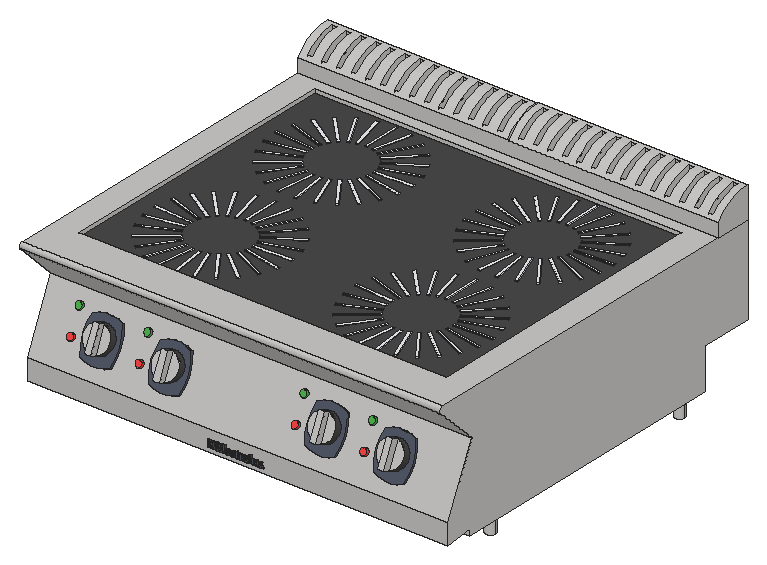
Revit family "QF_ELECTROLUXPROFESSIONAL_371134_E7IREH400N", category Specialty Equipment, Revit 2018 (continued)
Automatic sketch dimensions
  Extrusion 41 sketch curve to Extrusion 41 sketch curve = 0.444 mm
  Extrusion 41 sketch curve to Extrusion 41 sketch curve = 1.11 mm  (x3)
  Extrusion 41 sketch curve to Extrusion 41 sketch curve = 0.215 mm
  Extrusion 41 sketch curve to Extrusion 41 sketch curve = 1.43 mm
  Extrusion 41 sketch curve to Extrusion 41 sketch curve = 1.188 mm
  Extrusion 41 sketch curve to Extrusion 41 sketch curve = 1.21 mm  (x2)
  Extrusion 41 sketch curve to Extrusion 41 sketch curve = 0.503 mm
  Extrusion 41 sketch curve to Extrusion 41 sketch curve = 0.488 mm
  Extrusion 41 sketch curve to Extrusion 41 sketch curve = 0.462 mm
  Extrusion 41 sketch curve to Extrusion 41 sketch curve = 1.386 mm
  Extrusion 41 sketch curve to Extrusion 41 sketch curve = 1.742 mm  (x2)
  Extrusion 41 sketch curve to Extrusion 41 sketch curve = 0.821 mm
  Extrusion 41 sketch curve to Extrusion 41 sketch curve = 0.497 mm
  Extrusion 41 sketch curve to Extrusion 41 sketch curve = 0.539 mm
  Extrusion 41 sketch curve to Extrusion 41 sketch curve = 0.686 mm
  Extrusion 41 sketch curve to Extrusion 41 sketch curve = 0.408 mm
  Extrusion 41 sketch curve to Extrusion 41 sketch curve = 0.743 mm
  Extrusion 41 sketch curve to Extrusion 41 sketch curve = 1.16 mm
  Extrusion 41 sketch curve to Extrusion 41 sketch curve = 0.329 mm
  Extrusion 41 sketch curve to Extrusion 41 sketch curve = 1.054 mm
  Extrusion 41 sketch curve to Extrusion 41 sketch curve = 1.056 mm
  Extrusion 41 sketch curve to Extrusion 41 sketch curve = 0.129 mm
  Extrusion 41 sketch curve to Extrusion 41 sketch curve = 0.489 mm
  Extrusion 41 sketch curve to Extrusion 41 sketch curve = 0.441 mm
  Extrusion 41 sketch curve to Extrusion 41 sketch curve = 1.151 mm
  Extrusion 41 sketch curve to Extrusion 41 sketch curve = 1.141 mm  (x2)
  Extrusion 41 sketch curve to Extrusion 41 sketch curve = 0.768 mm
  Extrusion 41 sketch curve to Extrusion 41 sketch curve = 1.653 mm
  Extrusion 41 sketch curve to Extrusion 41 sketch curve = 0.499 mm
  Extrusion 41 sketch curve to Extrusion 41 sketch curve = 0.964 mm
  Extrusion 41 sketch curve to Extrusion 41 sketch curve = 0.949 mm
  Extrusion 41 sketch curve to Extrusion 41 sketch curve = 1.345 mm  (x2)
  Extrusion 41 sketch curve to Extrusion 41 sketch curve = 1.101 mm
  Extrusion 41 sketch curve to Extrusion 41 sketch curve = 0.432 mm
  Extrusion 41 sketch curve to Extrusion 41 sketch curve = 1.142 mm
  Extrusion 41 sketch curve to Extrusion 41 sketch curve = 0.959 mm
  Extrusion 41 sketch curve to Extrusion 41 sketch curve = 0.176 mm
  Extrusion 41 sketch curve to Extrusion 41 sketch curve = 0.728 mm
  Extrusion 41 sketch curve to Extrusion 41 sketch curve = 3.375 mm  (x2)
  Extrusion 41 sketch curve to Extrusion 41 sketch curve = 0.541 mm
  Extrusion 41 sketch curve to Extrusion 41 sketch curve = 0.955 mm
  Extrusion 41 sketch curve to Extrusion 41 sketch curve = 1.251 mm
  Extrusion 41 sketch curve to Extrusion 41 sketch curve = 0.572 mm
  Extrusion 41 sketch curve to Extrusion 41 sketch curve = 1.92 mm
  Extrusion 41 sketch curve to Extrusion 41 sketch curve = 1.224 mm
  Extrusion 41 sketch curve to Extrusion 41 sketch curve = 0.745 mm
  Extrusion 41 sketch curve to Extrusion 41 sketch curve = 2.537 mm
  Extrusion 41 sketch curve to Extrusion 41 sketch curve = 0.896 mm  (x3)
  Extrusion 41 sketch curve to Extrusion 41 sketch curve = 0.036 mm
  Extrusion 41 sketch curve to Extrusion 41 sketch curve = 2.607 mm
  Extrusion 41 sketch curve to Extrusion 41 sketch curve = 0.066 mm
  Extrusion 41 sketch curve to Extrusion 41 sketch curve = 0.248 mm
  Extrusion 41 sketch curve to Extrusion 41 sketch curve = 0.449 mm
  Extrusion 41 sketch curve to Extrusion 41 sketch curve = 1.052 mm
  Extrusion 41 sketch curve to Extrusion 41 sketch curve = 1.863 mm
  Extrusion 41 sketch curve to Extrusion 41 sketch curve = 1.31 mm  (x2)
  Extrusion 41 sketch curve to Extrusion 41 sketch curve = 0.901 mm
  Extrusion 41 sketch curve to Extrusion 41 sketch curve = 1.107 mm
  Extrusion 41 sketch curve to Extrusion 41 sketch curve = 2.122 mm
  Extrusion 41 sketch curve to Extrusion 41 sketch curve = 2.101 mm
  Extrusion 41 sketch curve to Extrusion 41 sketch curve = 0.106 mm
  Extrusion 41 sketch curve to Extrusion 41 sketch curve = 0.029 mm
  Extrusion 41 sketch curve to Extrusion 41 sketch curve = 2.09 mm
  Extrusion 41 sketch curve to Extrusion 41 sketch curve = 1.279 mm
  Extrusion 41 sketch curve to Extrusion 41 sketch curve = 2.008 mm
  Extrusion 41 sketch curve to Extrusion 41 sketch curve = 0.738 mm
  Extrusion 41 sketch curve to Extrusion 41 sketch curve = 0.382 mm
  Extrusion 41 sketch curve to Extrusion 41 sketch curve = 0.384 mm
  Extrusion 41 sketch curve to Extrusion 41 sketch curve = 0.002 mm
  Extrusion 41 sketch curve to Extrusion 41 sketch curve = 0.561 mm
  Extrusion 41 sketch curve to Extrusion 41 sketch curve = 0.592 mm
  Extrusion 41 sketch curve to Extrusion 41 sketch curve = 2.692 mm
  Extrusion 41 sketch curve to Extrusion 41 sketch curve = 1.259 mm
  Extrusion 41 sketch curve to Extrusion 41 sketch curve = 0.802 mm
  Extrusion 41 sketch curve to Extrusion 41 sketch curve = 1.024 mm  (x2)
  Extrusion 41 sketch curve to Extrusion 41 sketch curve = 0.682 mm
  Extrusion 41 sketch curve to Extrusion 41 sketch curve = 5.934 mm
  Extrusion 41 sketch curve to Extrusion 41 sketch curve = 2.186 mm
  Extrusion 41 sketch curve to Extrusion 41 sketch curve = 0.337 mm
  Extrusion 41 sketch curve to Extrusion 41 sketch curve = 0.021 mm
  Extrusion 41 sketch curve to Extrusion 41 sketch curve = 1.005 mm
  Extrusion 41 sketch curve to Extrusion 41 sketch curve = 0.552 mm
  Extrusion 41 sketch curve to Extrusion 41 sketch curve = 0.778 mm
  Extrusion 41 sketch curve to Extrusion 41 sketch curve = 0.063 mm
  Extrusion 41 sketch curve to Extrusion 41 sketch curve = 1.023 mm
  Extrusion 41 sketch curve to Extrusion 41 sketch curve = 3.804 mm
  Extrusion 41 sketch curve to Extrusion 41 sketch curve = 0.486 mm
  Extrusion 41 sketch curve to Extrusion 41 sketch curve = 0.266 mm  (x2)
  Extrusion 41 sketch curve to Extrusion 41 sketch curve = 1.547 mm
  Extrusion 41 sketch curve to Extrusion 41 sketch curve = 0.717 mm  (x2)
  Extrusion 41 sketch curve to Extrusion 41 sketch curve = 1.667 mm
  Extrusion 41 sketch curve to Extrusion 41 sketch curve = 3.174 mm
  Extrusion 41 sketch curve to Extrusion 41 sketch curve = 0.388 mm
  Extrusion 41 sketch curve to Extrusion 41 sketch curve = 1.342 mm
  Extrusion 41 sketch curve to Extrusion 41 sketch curve = 1.521 mm
  Extrusion 41 sketch curve to Extrusion 41 sketch curve = 0.124 mm
  Extrusion 41 sketch curve to Extrusion 41 sketch curve = 0.291 mm
  plane 7 "Center Y" to Extrusion 41 sketch curve = 3.923 mm
  Extrusion 41 sketch curve to Extrusion 41 sketch curve = 1.049 mm  (x2)
  Extrusion 41 sketch curve to Extrusion 41 sketch curve = 1.7 mm
  Extrusion 41 sketch curve to Extrusion 41 sketch curve = 0.894 mm
  Extrusion 41 sketch curve to Extrusion 41 sketch curve = 0.989 mm
  Extrusion 41 sketch curve to Extrusion 41 sketch curve = 1.168 mm
  Extrusion 41 sketch curve to Extrusion 41 sketch curve = 1.594 mm
  Extrusion 41 sketch curve to Extrusion 41 sketch curve = 0.731 mm
  Extrusion 41 sketch curve to Extrusion 41 sketch curve = 1.566 mm
  Extrusion 41 sketch curve to Extrusion 41 sketch curve = 0.064 mm
  plane 7 "Center Y" to Extrusion 41 sketch curve = 4.479 mm
  Extrusion 41 sketch curve to Extrusion 41 sketch curve = 0.556 mm  (x2)
  Extrusion 41 sketch curve to Extrusion 41 sketch curve = 0.48 mm
  Extrusion 41 sketch curve to Extrusion 41 sketch curve = 1.018 mm
  Extrusion 41 sketch curve to Extrusion 41 sketch curve = 0.787 mm
  Extrusion 41 sketch curve to Extrusion 41 sketch curve = 0.618 mm
  Extrusion 41 sketch curve to Extrusion 41 sketch curve = 1.672 mm
  Extrusion 41 sketch curve to Extrusion 41 sketch curve = 1.361 mm
  Extrusion 41 sketch curve to Extrusion 41 sketch curve = 0.822 mm
  Extrusion 41 sketch curve to Extrusion 41 sketch curve = 0.069 mm
  Extrusion 41 sketch curve to Extrusion 41 sketch curve = 1.88 mm
  Extrusion 41 sketch curve to Extrusion 41 sketch curve = 0.42 mm
  Extrusion 41 sketch curve to Extrusion 41 sketch curve = 0.062 mm
  Extrusion 41 sketch curve to Extrusion 41 sketch curve = 1.355 mm
  Extrusion 41 sketch curve to Extrusion 41 sketch curve = 2.34 mm
  Extrusion 41 sketch curve to Extrusion 41 sketch curve = 0.493 mm
  Extrusion 41 sketch curve to Extrusion 41 sketch curve = 0.136 mm
  Extrusion 41 sketch curve to Extrusion 41 sketch curve = 0.128 mm
  Extrusion 41 sketch curve to Extrusion 41 sketch curve = 3.616 mm
  Extrusion 41 sketch curve to Extrusion 41 sketch curve = 4.207 mm
  Extrusion 41 sketch curve to Extrusion 41 sketch curve = 0.183 mm
  Extrusion 41 sketch curve to Extrusion 41 sketch curve = 0.895 mm
  Extrusion 41 sketch curve to Extrusion 41 sketch curve = 1.314 mm
  Extrusion 41 sketch curve to Extrusion 41 sketch curve = 3.231 mm
  Extrusion 41 sketch curve to Extrusion 41 sketch curve = 1.299 mm
  Extrusion 41 sketch curve to Extrusion 41 sketch curve = 1.214 mm
  Extrusion 41 sketch curve to Extrusion 41 sketch curve = 1.264 mm
  Extrusion 41 sketch curve to Extrusion 41 sketch curve = 0.109 mm
  Extrusion 41 sketch curve to Extrusion 41 sketch curve = 0.357 mm
  Extrusion 41 sketch curve to Extrusion 41 sketch curve = 0.565 mm
  Extrusion 41 sketch curve to Extrusion 41 sketch curve = 2.504 mm
  Extrusion 41 sketch curve to Extrusion 41 sketch curve = 2.459 mm
  Extrusion 41 sketch curve to Extrusion 41 sketch curve = 1.322 mm
  Extrusion 41 sketch curve to Extrusion 41 sketch curve = 2.77 mm
  Extrusion 41 sketch curve to Extrusion 41 sketch curve = 2.51 mm
  Extrusion 41 sketch curve to Extrusion 41 sketch curve = 0.187 mm
  Extrusion 41 sketch curve to Extrusion 41 sketch curve = 2.559 mm
  Extrusion 41 sketch curve to Extrusion 41 sketch curve = 1.556 mm
  Extrusion 41 sketch curve to Extrusion 41 sketch curve = 0.222 mm
  Extrusion 41 sketch curve to Extrusion 41 sketch curve = 1.383 mm
  Extrusion 41 sketch curve to Extrusion 41 sketch curve = 3.114 mm
  Extrusion 41 sketch curve to Extrusion 41 sketch curve = 3.376 mm
  Extrusion 41 sketch curve to Extrusion 41 sketch curve = 0.934 mm
  Extrusion 41 sketch curve to Extrusion 41 sketch curve = 0.191 mm
  Extrusion 41 sketch curve to Extrusion 41 sketch curve = 3.696 mm
  Extrusion 41 sketch curve to Extrusion 41 sketch curve = 2.708 mm
  Extrusion 41 sketch curve to Extrusion 41 sketch curve = 3.333 mm
  Extrusion 41 sketch curve to Extrusion 41 sketch curve = 0.332 mm
  Extrusion 41 sketch curve to Extrusion 41 sketch curve = 1.087 mm
  Extrusion 41 sketch curve to Extrusion 41 sketch curve = 2.23 mm
  Extrusion 41 sketch curve to Extrusion 41 sketch curve = 2.757 mm
  Extrusion 41 sketch curve to Extrusion 41 sketch curve = 0.987 mm
  Extrusion 41 sketch curve to Extrusion 41 sketch curve = 1.529 mm
  Extrusion 41 sketch curve to Extrusion 41 sketch curve = 1.796 mm
  Extrusion 41 sketch curve to Extrusion 41 sketch curve = 2.859 mm
  Extrusion 41 sketch curve to Extrusion 41 sketch curve = 0.853 mm
  Extrusion 41 sketch curve to Extrusion 41 sketch curve = 1.241 mm
  Extrusion 41 sketch curve to Extrusion 41 sketch curve = 2.046 mm  (x2)
  Extrusion 41 sketch curve to Extrusion 41 sketch curve = 2.422 mm
  Extrusion 41 sketch curve to Extrusion 41 sketch curve = 0.27 mm  (x2)
  Extrusion 41 sketch curve to Extrusion 41 sketch curve = 0.69 mm
  Extrusion 41 sketch curve to Extrusion 41 sketch curve = 0.781 mm  (x2)
  Extrusion 41 sketch curve to Extrusion 41 sketch curve = 3.136 mm
  Extrusion 41 sketch curve to Extrusion 41 sketch curve = 1.767 mm
  Extrusion 41 sketch curve to Extrusion 41 sketch curve = 0.138 mm
  Extrusion 41 sketch curve to Extrusion 41 sketch curve = 0.777 mm
  Extrusion 41 sketch curve to Extrusion 41 sketch curve = 1.19 mm
  Extrusion 41 sketch curve to Extrusion 41 sketch curve = 0.782 mm
  Extrusion 41 sketch curve to Extrusion 41 sketch curve = 1.268 mm
  Extrusion 41 sketch curve to Extrusion 41 sketch curve = 0.422 mm  (x2)
  Extrusion 41 sketch curve to Extrusion 41 sketch curve = 1.559 mm
  Extrusion 41 sketch curve to Extrusion 41 sketch curve = 3.927 mm
  Extrusion 41 sketch curve to Extrusion 41 sketch curve = 0.983 mm
  Extrusion 41 sketch curve to Extrusion 41 sketch curve = 1.134 mm
  Extrusion 41 sketch curve to Extrusion 41 sketch curve = 0.094 mm
  plane 7 "Center Y" to Extrusion 41 sketch curve = 1.023 mm
  Extrusion 41 sketch curve to Extrusion 41 sketch curve = 1.501 mm
  Extrusion 41 sketch curve to Extrusion 41 sketch curve = 1.808 mm
  Extrusion 41 sketch curve to Extrusion 41 sketch curve = 0.643 mm
  Extrusion 41 sketch curve to Extrusion 41 sketch curve = 0.916 mm
  Extrusion 41 sketch curve to Extrusion 41 sketch curve = 0.352 mm
  Extrusion 41 sketch curve to Extrusion 41 sketch curve = 0.458 mm
  Extrusion 41 sketch curve to Extrusion 41 sketch curve = 1.282 mm
  Extrusion 41 sketch curve to Extrusion 41 sketch curve = 1.363 mm
  Extrusion 41 sketch curve to Extrusion 41 sketch curve = 0.685 mm
  Extrusion 41 sketch curve to Extrusion 41 sketch curve = 0.905 mm
  Extrusion 41 sketch curve to Extrusion 41 sketch curve = 2.865 mm
  Extrusion 41 sketch curve to Extrusion 41 sketch curve = 0.472 mm
  Extrusion 41 sketch curve to Extrusion 41 sketch curve = 0.101 mm
  Extrusion 41 sketch curve to Extrusion 41 sketch curve = 0.54 mm
  Extrusion 41 sketch curve to Extrusion 41 sketch curve = 0.02 mm
  Extrusion 41 sketch curve to Extrusion 41 sketch curve = 0.468 mm
  Extrusion 41 sketch curve to Extrusion 41 sketch curve = 0.829 mm
  Extrusion 41 sketch curve to Extrusion 41 sketch curve = 0.582 mm
  Extrusion 41 sketch curve to Extrusion 41 sketch curve = 0.166 mm
  Extrusion 41 sketch curve to Extrusion 41 sketch curve = 0.16 mm
  Extrusion 41 sketch curve to Extrusion 41 sketch curve = 2.781 mm
  Extrusion 41 sketch curve to Extrusion 41 sketch curve = 1.118 mm
  Extrusion 41 sketch curve to Extrusion 41 sketch curve = 0.613 mm
  Extrusion 41 sketch curve to Extrusion 41 sketch curve = 0.361 mm
  Extrusion 41 sketch curve to Extrusion 41 sketch curve = 0.897 mm
  Extrusion 41 sketch curve to Extrusion 41 sketch curve = 0.167 mm
  Extrusion 41 sketch curve to Extrusion 41 sketch curve = 0.292 mm
  Extrusion 41 sketch curve to Extrusion 41 sketch curve = 0.305 mm
  Extrusion 41 sketch curve to Extrusion 41 sketch curve = 1.557 mm
  Extrusion 41 sketch curve to Extrusion 41 sketch curve = 2.499 mm
  Extrusion 41 sketch curve to Extrusion 41 sketch curve = 3.062 mm
  Extrusion 41 sketch curve to Extrusion 41 sketch curve = 2.968 mm
  Extrusion 41 sketch curve to Extrusion 41 sketch curve = 5.044 mm
  Extrusion 41 sketch curve to Extrusion 41 sketch curve = 0.629 mm  (x2)
  Extrusion 41 sketch curve to Extrusion 41 sketch curve = 1.131 mm
  Extrusion 41 sketch curve to Extrusion 41 sketch curve = 0.137 mm
  Extrusion 41 sketch curve to Extrusion 41 sketch curve = 0.027 mm
  Extrusion 41 sketch curve to Extrusion 41 sketch curve = 2.235 mm
  Extrusion 42 sketch curve to Extrusion 1 = 31.333 mm  (x2)
  Extrusion 42 sketch curve to Extrusion 42 sketch curve = 12.3 mm  (x3)
  Extrusion 42 sketch curve to Extrusion 42 sketch curve = 34.925 mm  (x2)
  Extrusion 1 to Extrusion 42 sketch curve = 44.467 mm
  Extrusion 1 to Extrusion 42 sketch curve = 305.752 mm
  Extrusion 42 sketch curve to Extrusion 42 sketch curve = 25.727 mm
  Extrusion 42 sketch curve to Extrusion 42 sketch curve = 25.771 mm
  Extrusion 42 sketch curve to Extrusion 42 sketch curve = 28.531 mm
  Extrusion 44 sketch curve to Extrusion 44 sketch curve = 24.732 mm
  Extrusion 44 sketch curve to Extrusion 44 sketch curve = 0 mm
  Extrusion 1 to Extrusion 45 sketch curve = 29.678 mm
  Extrusion 1 to Extrusion 45 sketch curve = 196.283 mm
  Extrusion 46 sketch curve to Extrusion 1 = 54.522 mm
  Extrusion 1 to Extrusion 46 sketch curve = 196.283 mm
  Extrusion 47 sketch curve to Extrusion 1 = 31.333 mm  (x2)
  Extrusion 47 sketch curve to Extrusion 47 sketch curve = 12.3 mm  (x3)
  Extrusion 47 sketch curve to Extrusion 47 sketch curve = 34.925 mm  (x2)
  Extrusion 1 to Extrusion 47 sketch curve = 44.467 mm
  Extrusion 1 to Extrusion 47 sketch curve = 66.558 mm
  Extrusion 47 sketch curve to Extrusion 47 sketch curve = 25.683 mm
  Extrusion 47 sketch curve to Extrusion 47 sketch curve = 25.727 mm
  Extrusion 47 sketch curve to Extrusion 47 sketch curve = 28.575 mm
  Extrusion 49 sketch curve to Extrusion 49 sketch curve = 24.732 mm
  Extrusion 49 sketch curve to Extrusion 49 sketch curve = 0 mm
  Extrusion 50 sketch curve to Extrusion 1 = 31.333 mm  (x2)
  Extrusion 50 sketch curve to Extrusion 50 sketch curve = 12.3 mm  (x3)
  Extrusion 50 sketch curve to Extrusion 50 sketch curve = 34.925 mm  (x2)
  Extrusion 1 to Extrusion 50 sketch curve = 44.467 mm
  Extrusion 1 to Extrusion 50 sketch curve = 197.193 mm
  Extrusion 50 sketch curve to Extrusion 50 sketch curve = 25.683 mm
  Extrusion 50 sketch curve to Extrusion 50 sketch curve = 25.727 mm
  Extrusion 50 sketch curve to Extrusion 50 sketch curve = 28.575 mm
  Extrusion 52 sketch curve to Extrusion 52 sketch curve = 24.732 mm
  Extrusion 52 sketch curve to Extrusion 52 sketch curve = 0 mm
  Extrusion 1 to Extrusion 53 sketch curve = 29.678 mm
  Extrusion 1 to Extrusion 53 sketch curve = 306.618 mm
  Extrusion 54 sketch curve to Extrusion 1 = 54.522 mm
  Extrusion 1 to Extrusion 54 sketch curve = 306.618 mm
  Extrusion 1 to Extrusion 55 sketch curve = 29.678 mm
  Extrusion 1 to Extrusion 55 sketch curve = 175.983 mm
  Extrusion 56 sketch curve to Extrusion 1 = 54.522 mm
  Extrusion 1 to Extrusion 56 sketch curve = 175.983 mm
  plane 7 "Center Y" to curve 133 = 1.729 mm
  curve 9 to plane 7 "Center Y" = 1.454 mm
  curve 9 to curve 7 = 0 mm
  radius of Extrusion 3 sketch curve = 9.525 mm  (x4)
  radius of Extrusion 5 sketch curve = 25.4 mm
  radius of Extrusion 6 sketch curve to Extrusion 5 = 0 mm  (x2)
  radius of Extrusion 7 sketch curve = 6.35 mm
  radius of Extrusion 8 sketch curve = 6.4 mm
  radius of Extrusion 9 sketch curve = 12.7 mm
  radius of Extrusion 43 sketch curve = 25.4 mm
  radius of Extrusion 44 sketch curve to Extrusion 43 = 0 mm  (x2)
  radius of Extrusion 45 sketch curve = 6.35 mm
  radius of Extrusion 46 sketch curve = 6.4 mm
  radius of Extrusion 48 sketch curve = 25.4 mm
  radius of Extrusion 49 sketch curve to Extrusion 48 = 0 mm  (x2)
  radius of Extrusion 51 sketch curve = 25.4 mm
  radius of Extrusion 52 sketch curve to Extrusion 51 = 0 mm  (x2)
  radius of Extrusion 53 sketch curve = 6.35 mm
  radius of Extrusion 54 sketch curve = 6.4 mm
  radius of Extrusion 55 sketch curve = 6.35 mm
  radius of Extrusion 56 sketch curve = 6.4 mm
Nested families
  nested 1: "INDUCTION BURNER" at (79.771, -98.911, 266.887), type "INDUCTION BURNER"
    with Type Mark "", Status "", Specification by User "", Revision Code "", Item Number "", Installed By "", Identify Quantity as Lot yes, Furnished By "", Foodservice Equipment Identifier yes
  nested 2: "INDUCTION BURNER" at (461.843, -98.911, 266.887), type "INDUCTION BURNER"
    with Type Mark "", Status "", Specification by User "", Revision Code "", Item Number "", Installed By "", Identify Quantity as Lot yes, Furnished By "", Foodservice Equipment Identifier yes
  nested 3: "INDUCTION BURNER" at (461.843, -386.411, 266.887), type "INDUCTION BURNER"
    with Type Mark "", Status "", Specification by User "", Revision Code "", Item Number "", Installed By "", Identify Quantity as Lot yes, Furnished By "", Foodservice Equipment Identifier yes
  nested 4: "INDUCTION BURNER" at (79.771, -386.411, 266.887), type "INDUCTION BURNER"
    with Type Mark "", Status "", Specification by User "", Revision Code "", Item Number "", Installed By "", Identify Quantity as Lot yes, Furnished By "", Foodservice Equipment Identifier yes
Connectors
  electrical at (736.5, -88.9, 57.906), driven by "Volts", driven by "Watts"
    settings: on Extrusion 9, index 1, voltage 230 V, apparent load 8800 VA, apparent load phase1 0 VA, apparent load phase2 0 VA, apparent load phase3 0 VA, power factor 1, load classification "Other", number of poles 1, system type 30, power factor state 1, is connector primary yes, connector utility no, sub classification motor no, connector description "Electrical Connection"
Definition of nested family "INDUCTION BURNER"
  Parameters
    Weight in Pounds = 0
    URL Cutsheet = ""
    Type Mark [instance] = ""
    Status [instance] = ""
    Specification by User [instance] = ""
    Specification by Manufacturer = ""
    Serial Number = ""
    Seismic Rating = ""
    SMACNA No = ""
    Revision Code [instance] = ""
    Omniclass Number and Title = ""
    NAFEM Spec ID Number = ""
    Masterspec = ""
    Item Number [instance] = ""
    Installed By [instance] = ""
    Identify Quantity as Lot [instance] = yes
    Furnished By [instance] = ""
    Foodservice Equipment Identifier [instance] = yes
    CSI MasterFormat = ""
    CSI Master Format = ""
    Assembly Code = ""
  Reference planes
    plane 1 "BACK": y = 0
    plane 2: z = 0
    plane 3 "LEFT": x = 0
    plane 4 "RIGHT": x = 263
    plane 5 "FRONT": y = -263
    plane 6 "TOP": z = 0.794
    plane 7 "Center Y": x = 131.5
    plane 8 "Center X": y = -131.5
  Forms (mm)
    Extrusion 1, solid
      sketch origin (0, 0, 0) x (1, 0, 0) y (0, 1, 0)
        loop
          line (134, -73.314) -> (134, 0) -> (129, 0) -> (129, -73.314) -> (134, -73.314)
        loop
          line (119.451, -74.521) -> (101.219, -3.51) -> (96.376, -4.753) -> (114.608, -75.764) -> (119.451, -74.521)
        loop
          line (105.66, -79.307) -> (70.34, -15.061) -> (65.959, -17.47) -> (101.278, -81.716) -> (105.66, -79.307)
        loop
          line (93.492, -87.373) -> (43.304, -33.929) -> (39.66, -37.352) -> (89.847, -90.796) -> (93.492, -87.373)
        loop
          line (83.712, -98.212) -> (21.81, -58.928) -> (19.131, -63.15) -> (81.033, -102.433) -> (83.712, -98.212)
        loop
          line (5.664, -93.242) -> (75.39, -115.897) -> (76.935, -111.142) -> (7.209, -88.487) -> (5.664, -93.242)
        loop
          line (73.586, -125.351) -> (0.416, -120.748) -> (0.103, -125.738) -> (73.272, -130.342) -> (73.586, -125.351)
        loop
          line (73.876, -139.947) -> (1.861, -153.685) -> (2.798, -158.596) -> (74.813, -144.859) -> (73.876, -139.947)
        loop
          line (77.788, -154.012) -> (11.451, -185.228) -> (13.58, -189.752) -> (79.916, -158.536) -> (77.788, -154.012)
        loop
          line (85.074, -166.663) -> (28.584, -213.395) -> (31.771, -217.248) -> (88.261, -170.515) -> (85.074, -166.663)
        loop
          line (95.277, -177.104) -> (52.184, -236.416) -> (56.229, -239.355) -> (99.322, -180.043) -> (95.277, -177.104)
        loop
          line (107.756, -184.679) -> (80.767, -252.845) -> (85.416, -254.686) -> (112.405, -186.52) -> (107.756, -184.679)
        loop
          line (121.727, -188.914) -> (112.538, -261.65) -> (117.499, -262.276) -> (126.688, -189.54) -> (121.727, -188.914)
        loop
          line (143.549, -74.521) -> (148.392, -75.764) -> (166.624, -4.753) -> (161.781, -3.51) -> (143.549, -74.521)
        loop
          line (157.34, -79.307) -> (161.722, -81.716) -> (197.041, -17.47) -> (192.66, -15.061) -> (157.34, -79.307)
        loop
          line (169.508, -87.373) -> (173.153, -90.796) -> (223.34, -37.352) -> (219.696, -33.929) -> (169.508, -87.373)
        loop
          line (179.288, -98.212) -> (181.967, -102.433) -> (243.869, -63.15) -> (241.19, -58.928) -> (179.288, -98.212)
        loop
          line (257.336, -93.242) -> (255.791, -88.487) -> (186.065, -111.142) -> (187.61, -115.897) -> (257.336, -93.242)
        loop
          line (189.414, -125.351) -> (189.728, -130.342) -> (262.897, -125.738) -> (262.584, -120.748) -> (189.414, -125.351)
        loop
          line (189.124, -139.947) -> (188.187, -144.859) -> (260.202, -158.596) -> (261.139, -153.685) -> (189.124, -139.947)
        loop
          line (185.212, -154.012) -> (183.084, -158.536) -> (249.42, -189.752) -> (251.549, -185.228) -> (185.212, -154.012)
        loop
          line (177.926, -166.663) -> (174.739, -170.515) -> (231.229, -217.248) -> (234.416, -213.395) -> (177.926, -166.663)
        loop
          line (167.723, -177.104) -> (163.678, -180.043) -> (206.771, -239.355) -> (210.816, -236.416) -> (167.723, -177.104)
        loop
          line (155.244, -184.679) -> (150.595, -186.52) -> (177.584, -254.686) -> (182.233, -252.845) -> (155.244, -184.679)
        loop
          line (141.273, -188.914) -> (136.312, -189.54) -> (145.501, -262.276) -> (150.462, -261.65) -> (141.273, -188.914)
      from 0 to 0.8
  Lines and regions (mm)
    symbolic lines
      curve 1: line (134, -73.314, 0) -> (134, 0, 0)
      curve 2: line (134, 0, 0) -> (129, 0, 0)
      curve 3: line (129, 0, 0) -> (129, -73.314, 0)
      curve 4: line (129, -73.314, 0) -> (134, -73.314, 0)
      curve 5: line (148.392, -75.764, 0) -> (166.624, -4.753, 0)
      curve 6: line (166.624, -4.753, 0) -> (161.781, -3.51, 0)
      curve 7: line (161.781, -3.51, 0) -> (143.549, -74.521, 0)
      curve 8: line (143.549, -74.521, 0) -> (148.392, -75.764, 0)
      curve 9: line (119.451, -74.521, 0) -> (101.219, -3.51, 0)
      curve 10: line (101.219, -3.51, 0) -> (96.376, -4.753, 0)
      curve 11: line (96.376, -4.753, 0) -> (114.608, -75.764, 0)
      curve 12: line (114.608, -75.764, 0) -> (119.451, -74.521, 0)
      curve 13: line (105.66, -79.307, 0) -> (70.34, -15.061, 0)
      curve 14: line (70.34, -15.061, 0) -> (65.959, -17.47, 0)
      curve 15: line (65.959, -17.47, 0) -> (101.278, -81.716, 0)
      curve 16: line (101.278, -81.716, 0) -> (105.66, -79.307, 0)
      curve 17: line (93.492, -87.373, 0) -> (43.304, -33.929, 0)
      curve 18: line (43.304, -33.929, 0) -> (39.66, -37.352, 0)
      curve 19: line (39.66, -37.352, 0) -> (89.847, -90.796, 0)
      curve 20: line (89.847, -90.796, 0) -> (93.492, -87.373, 0)
      curve 21: line (83.712, -98.212, 0) -> (21.81, -58.928, 0)
      curve 22: line (21.81, -58.928, 0) -> (19.131, -63.15, 0)
      curve 23: line (19.131, -63.15, 0) -> (81.033, -102.433, 0)
      curve 24: line (81.033, -102.433, 0) -> (83.712, -98.212, 0)
      curve 25: line (76.935, -111.142, 0) -> (7.209, -88.487, 0)
      curve 26: line (7.209, -88.487, 0) -> (5.664, -93.242, 0)
      curve 27: line (5.664, -93.242, 0) -> (75.39, -115.897, 0)
      curve 28: line (75.39, -115.897, 0) -> (76.935, -111.142, 0)
      curve 29: line (73.586, -125.351, 0) -> (0.416, -120.748, 0)
      curve 30: line (0.416, -120.748, 0) -> (0.103, -125.738, 0)
      curve 31: line (0.103, -125.738, 0) -> (73.272, -130.342, 0)
      curve 32: line (73.272, -130.342, 0) -> (73.586, -125.351, 0)
      curve 33: line (73.876, -139.947, 0) -> (1.861, -153.685, 0)
      curve 34: line (1.861, -153.685, 0) -> (2.798, -158.596, 0)
      curve 35: line (2.798, -158.596, 0) -> (74.813, -144.859, 0)
      curve 36: line (74.813, -144.859, 0) -> (73.876, -139.947, 0)
      curve 37: line (77.788, -154.012, 0) -> (11.451, -185.228, 0)
      curve 38: line (11.451, -185.228, 0) -> (13.58, -189.752, 0)
      curve 39: line (13.58, -189.752, 0) -> (79.916, -158.536, 0)
      curve 40: line (79.916, -158.536, 0) -> (77.788, -154.012, 0)
      curve 41: line (85.074, -166.663, 0) -> (28.584, -213.395, 0)
      curve 42: line (28.584, -213.395, 0) -> (31.771, -217.248, 0)
      curve 43: line (31.771, -217.248, 0) -> (88.261, -170.515, 0)
      curve 44: line (88.261, -170.515, 0) -> (85.074, -166.663, 0)
      curve 45: line (95.277, -177.104, 0) -> (52.184, -236.416, 0)
      curve 46: line (52.184, -236.416, 0) -> (56.229, -239.355, 0)
      curve 47: line (56.229, -239.355, 0) -> (99.322, -180.043, 0)
      curve 48: line (99.322, -180.043, 0) -> (95.277, -177.104, 0)
      curve 49: line (107.756, -184.679, 0) -> (80.767, -252.845, 0)
      curve 50: line (80.767, -252.845, 0) -> (85.416, -254.686, 0)
      curve 51: line (85.416, -254.686, 0) -> (112.405, -186.52, 0)
      curve 52: line (112.405, -186.52, 0) -> (107.756, -184.679, 0)
      curve 53: line (121.727, -188.914, 0) -> (112.538, -261.65, 0)
      curve 54: line (112.538, -261.65, 0) -> (117.499, -262.276, 0)
      curve 55: line (117.499, -262.276, 0) -> (126.688, -189.54, 0)
      curve 56: line (126.688, -189.54, 0) -> (121.727, -188.914, 0)
      curve 57: line (136.312, -189.54, 0) -> (145.501, -262.276, 0)
      curve 58: line (145.501, -262.276, 0) -> (150.462, -261.65, 0)
      curve 59: line (150.462, -261.65, 0) -> (141.273, -188.914, 0)
      curve 60: line (141.273, -188.914, 0) -> (136.312, -189.54, 0)
      curve 61: line (150.595, -186.52, 0) -> (177.584, -254.686, 0)
      curve 62: line (177.584, -254.686, 0) -> (182.233, -252.845, 0)
      curve 63: line (182.233, -252.845, 0) -> (155.244, -184.679, 0)
      curve 64: line (155.244, -184.679, 0) -> (150.595, -186.52, 0)
      curve 65: line (163.678, -180.043, 0) -> (206.771, -239.355, 0)
      curve 66: line (206.771, -239.355, 0) -> (210.816, -236.416, 0)
      curve 67: line (210.816, -236.416, 0) -> (167.723, -177.104, 0)
      curve 68: line (167.723, -177.104, 0) -> (163.678, -180.043, 0)
      curve 69: line (174.739, -170.515, 0) -> (231.229, -217.248, 0)
      curve 70: line (231.229, -217.248, 0) -> (234.416, -213.395, 0)
      curve 71: line (234.416, -213.395, 0) -> (177.926, -166.663, 0)
      curve 72: line (177.926, -166.663, 0) -> (174.739, -170.515, 0)
      curve 73: line (183.084, -158.536, 0) -> (249.42, -189.752, 0)
      curve 74: line (249.42, -189.752, 0) -> (251.549, -185.228, 0)
      curve 75: line (251.549, -185.228, 0) -> (185.212, -154.012, 0)
      curve 76: line (185.212, -154.012, 0) -> (183.084, -158.536, 0)
      curve 77: line (188.187, -144.859, 0) -> (260.202, -158.596, 0)
      curve 78: line (260.202, -158.596, 0) -> (261.139, -153.685, 0)
      curve 79: line (261.139, -153.685, 0) -> (189.124, -139.947, 0)
      curve 80: line (189.124, -139.947, 0) -> (188.187, -144.859, 0)
      curve 81: line (189.728, -130.342, 0) -> (262.897, -125.738, 0)
      curve 82: line (262.897, -125.738, 0) -> (262.584, -120.748, 0)
      curve 83: line (262.584, -120.748, 0) -> (189.414, -125.351, 0)
      curve 84: line (189.414, -125.351, 0) -> (189.728, -130.342, 0)
      curve 85: line (187.61, -115.897, 0) -> (257.336, -93.242, 0)
      curve 86: line (257.336, -93.242, 0) -> (255.791, -88.487, 0)
      curve 87: line (255.791, -88.487, 0) -> (186.065, -111.142, 0)
      curve 88: line (186.065, -111.142, 0) -> (187.61, -115.897, 0)
      curve 89: line (181.967, -102.433, 0) -> (243.869, -63.15, 0)
      curve 90: line (243.869, -63.15, 0) -> (241.19, -58.928, 0)
      curve 91: line (241.19, -58.928, 0) -> (179.288, -98.212, 0)
      curve 92: line (179.288, -98.212, 0) -> (181.967, -102.433, 0)
      curve 93: line (173.153, -90.796, 0) -> (223.34, -37.352, 0)
      curve 94: line (223.34, -37.352, 0) -> (219.696, -33.929, 0)
      curve 95: line (219.696, -33.929, 0) -> (169.508, -87.373, 0)
      curve 96: line (169.508, -87.373, 0) -> (173.153, -90.796, 0)
      curve 97: line (161.722, -81.716, 0) -> (197.041, -17.47, 0)
      curve 98: line (197.041, -17.47, 0) -> (192.66, -15.061, 0)
      curve 99: line (192.66, -15.061, 0) -> (157.34, -79.307, 0)
      curve 100: line (157.34, -79.307, 0) -> (161.722, -81.716, 0)
  Dimensions and locks
    equal spacing: plane 3 "LEFT", plane 7 "Center Y", plane 4 "RIGHT"
    plane 3 "LEFT" to plane 4 "RIGHT" = 263 mm
    equal spacing: plane 5 "FRONT", plane 8 "Center X", plane 1 "BACK"
    plane 5 "FRONT" to plane 1 "BACK" = 263 mm
    plane 6 "TOP" to level = 0.794 mm
    aligned and locked: level to plane 2
  Automatic sketch dimensions
    plane 1 "BACK" to curve 1 = 0 mm
    plane 3 "LEFT" to curve 31 = 0.103 mm
    plane 3 "LEFT" to curve 33 = 1.861 mm
    plane 3 "LEFT" to curve 26 = 5.664 mm
    plane 3 "LEFT" to curve 38 = 11.451 mm
    curve 37 to curve 39 = 2.129 mm
    plane 3 "LEFT" to curve 22 = 19.131 mm
    curve 38 to curve 42 = 15.004 mm
    curve 21 to curve 18 = 17.849 mm
    plane 1 "BACK" to curve 14 = 15.061 mm
    curve 14 to curve 14 = 4.382 mm
    plane 8 "Center X" to curve 32 = 1.158 mm
    curve 32 to curve 29 = 0.314 mm
    curve 31 to curve 36 = 0.604 mm
    curve 33 to plane 8 "Center X" = 8.447 mm
    curve 33 to curve 35 = 0.937 mm
    curve 29 to curve 28 = 1.803 mm
    plane 8 "Center X" to curve 27 = 15.603 mm
    curve 27 to curve 25 = 1.545 mm
    curve 36 to curve 40 = 2.974 mm
    curve 37 to plane 8 "Center X" = 22.512 mm
    curve 25 to curve 23 = 4.098 mm
    curve 23 to curve 21 = 2.679 mm
    curve 39 to curve 41 = 5.157 mm
    curve 49 to curve 51 = 4.649 mm
    curve 50 to plane 5 "FRONT" = 8.314 mm
    curve 41 to curve 44 = 3.187 mm
    curve 21 to curve 19 = 6.135 mm
    curve 19 to curve 17 = 3.645 mm
    curve 43 to curve 45 = 7.016 mm
    curve 45 to curve 47 = 4.045 mm
    curve 10 to curve 9 = 4.843 mm
    plane 1 "BACK" to curve 10 = 3.51 mm
    curve 17 to curve 16 = 7.786 mm
    curve 47 to curve 49 = 8.434 mm
    curve 13 to curve 11 = 8.949 mm
    curve 54 to plane 5 "FRONT" = 0.724 mm
    curve 53 to curve 54 = 4.961 mm
    curve 56 to plane 7 "Center Y" = 4.812 mm
    curve 2 to plane 7 "Center Y" = 2.5 mm
    plane 7 "Center Y" to curve 1 = 2.5 mm
    plane 7 "Center Y" to curve 57 = 4.812 mm
    plane 7 "Center Y" to curve 58 = 14.001 mm
    curve 57 to plane 5 "FRONT" = 0.724 mm
    curve 58 to curve 58 = 4.961 mm
    curve 59 to curve 64 = 9.322 mm
    curve 61 to curve 64 = 4.649 mm
    curve 5 to curve 100 = 8.949 mm
    plane 1 "BACK" to curve 6 = 3.51 mm
    curve 63 to curve 65 = 8.434 mm
    curve 6 to curve 6 = 4.843 mm
    curve 65 to curve 67 = 4.045 mm
    curve 97 to curve 96 = 7.786 mm
    curve 95 to curve 96 = 3.645 mm
    curve 67 to curve 72 = 7.016 mm
    curve 62 to plane 5 "FRONT" = 8.314 mm
    curve 69 to curve 71 = 3.187 mm
    curve 93 to curve 92 = 6.135 mm
    curve 71 to curve 76 = 5.157 mm
    curve 73 to curve 76 = 2.129 mm
    curve 75 to plane 8 "Center X" = 22.512 mm
    curve 89 to curve 88 = 4.098 mm
    plane 8 "Center X" to curve 88 = 15.603 mm
    curve 75 to curve 77 = 2.974 mm
    curve 79 to plane 8 "Center X" = 8.447 mm
    curve 77 to curve 79 = 0.937 mm
    curve 85 to curve 84 = 1.803 mm
    plane 8 "Center X" to curve 84 = 1.158 mm
    curve 83 to curve 84 = 0.314 mm
    plane 1 "BACK" to curve 98 = 15.061 mm
    curve 98 to curve 98 = 4.382 mm
    curve 66 to curve 70 = 20.413 mm
    curve 91 to plane 4 "RIGHT" = 21.81 mm
    curve 90 to curve 90 = 2.679 mm
    curve 74 to plane 4 "RIGHT" = 13.58 mm
    curve 86 to plane 4 "RIGHT" = 7.209 mm
    curve 86 to curve 86 = 1.545 mm
    curve 79 to plane 4 "RIGHT" = 1.861 mm
    curve 82 to plane 4 "RIGHT" = 0.103 mm
    curve 46 to curve 46 = 2.939 mm
    curve 45 to curve 42 = 19.169 mm
    curve 66 to curve 70 = 19.169 mm
    curve 69 to curve 71 = 3.853 mm
    curve 56 to curve 60 = 0 mm
    curve 55 to curve 53 = 0.627 mm
    curve 57 to curve 59 = 0.627 mm
    curve 53 to curve 52 = 2.394 mm
    curve 59 to curve 61 = 2.394 mm
    curve 73 to curve 75 = 4.524 mm
    curve 51 to curve 49 = 1.841 mm
    curve 61 to curve 63 = 1.841 mm
    curve 49 to curve 48 = 4.637 mm
    curve 63 to curve 65 = 4.637 mm
    curve 65 to curve 67 = 2.939 mm
    curve 67 to curve 72 = 6.589 mm
    curve 45 to curve 44 = 6.589 mm
    curve 43 to curve 44 = 3.853 mm
    curve 39 to curve 37 = 4.524 mm
    curve 77 to curve 78 = 4.911 mm
    curve 34 to curve 33 = 4.911 mm
    plane 8 "Center X" to curve 31 = 5.762 mm
    plane 8 "Center X" to curve 81 = 5.762 mm
    curve 30 to curve 30 = 4.99 mm
    curve 81 to curve 83 = 4.99 mm
    curve 87 to curve 89 = 8.709 mm
    curve 25 to curve 23 = 8.709 mm
    curve 23 to curve 21 = 4.222 mm
    curve 91 to curve 96 = 7.416 mm
    curve 21 to curve 20 = 7.416 mm
    curve 26 to curve 26 = 4.755 mm
    curve 86 to curve 86 = 4.755 mm
    curve 19 to curve 20 = 3.423 mm
    curve 93 to curve 95 = 3.423 mm
    curve 17 to curve 16 = 5.657 mm
    curve 95 to curve 97 = 5.657 mm
    curve 16 to curve 13 = 2.409 mm
    curve 97 to curve 100 = 2.409 mm
    curve 99 to curve 8 = 3.543 mm
    curve 13 to curve 11 = 3.543 mm
    curve 5 to curve 8 = 1.243 mm
    curve 11 to curve 12 = 1.243 mm
    curve 9 to curve 3 = 1.206 mm
    curve 90 to curve 91 = 4.222 mm
    curve 91 to curve 94 = 21.576 mm
    plane 1 "BACK" to Extrusion 1 sketch curve = 0 mm
    plane 3 "LEFT" to Extrusion 1 sketch curve = 0.103 mm
    plane 3 "LEFT" to Extrusion 1 sketch curve = 0.416 mm
    plane 3 "LEFT" to Extrusion 1 sketch curve = 1.861 mm
    plane 3 "LEFT" to Extrusion 1 sketch curve = 2.798 mm
    plane 3 "LEFT" to Extrusion 1 sketch curve = 5.664 mm
    Extrusion 1 sketch curve to Extrusion 1 sketch curve = 1.545 mm  (x2)
    plane 3 "LEFT" to Extrusion 1 sketch curve = 11.451 mm
    Extrusion 1 sketch curve to Extrusion 1 sketch curve = 2.129 mm  (x2)
    plane 3 "LEFT" to Extrusion 1 sketch curve = 19.131 mm
    Extrusion 1 sketch curve to Extrusion 1 sketch curve = 2.679 mm  (x2)
    Extrusion 1 sketch curve to Extrusion 1 sketch curve = 15.004 mm
    Extrusion 1 sketch curve to Extrusion 1 sketch curve = 3.187 mm  (x2)
    Extrusion 1 sketch curve to Extrusion 1 sketch curve = 17.849 mm
    plane 1 "BACK" to Extrusion 1 sketch curve = 33.929 mm
    Extrusion 1 sketch curve to Extrusion 1 sketch curve = 3.645 mm  (x2)
    Extrusion 1 sketch curve to Extrusion 1 sketch curve = 20.413 mm  (x2)
    Extrusion 1 sketch curve to plane 5 "FRONT" = 23.645 mm  (x2)
    Extrusion 1 sketch curve to Extrusion 1 sketch curve = 4.045 mm  (x2)
    Extrusion 1 sketch curve to Extrusion 1 sketch curve = 22.654 mm  (x2)
    plane 1 "BACK" to Extrusion 1 sketch curve = 15.061 mm  (x2)
    Extrusion 1 sketch curve to Extrusion 1 sketch curve = 4.382 mm  (x2)
    plane 8 "Center X" to Extrusion 1 sketch curve = 1.158 mm  (x2)
    Extrusion 1 sketch curve to plane 7 "Center Y" = 58.228 mm
    Extrusion 1 sketch curve to plane 8 "Center X" = 8.447 mm  (x2)
    Extrusion 1 sketch curve to Extrusion 1 sketch curve = 0.604 mm
    plane 8 "Center X" to Extrusion 1 sketch curve = 15.603 mm  (x2)
    Extrusion 1 sketch curve to Extrusion 1 sketch curve = 1.803 mm  (x2)
    Extrusion 1 sketch curve to plane 8 "Center X" = 22.512 mm  (x2)
    Extrusion 1 sketch curve to Extrusion 1 sketch curve = 2.974 mm  (x2)
    Extrusion 1 sketch curve to plane 5 "FRONT" = 10.155 mm
    Extrusion 1 sketch curve to Extrusion 1 sketch curve = 24.538 mm  (x2)
    Extrusion 1 sketch curve to Extrusion 1 sketch curve = 4.098 mm  (x2)
    Extrusion 1 sketch curve to Extrusion 1 sketch curve = 5.157 mm  (x2)
    Extrusion 1 sketch curve to plane 5 "FRONT" = 8.314 mm  (x2)
    Extrusion 1 sketch curve to Extrusion 1 sketch curve = 4.649 mm  (x2)
    Extrusion 1 sketch curve to Extrusion 1 sketch curve = 6.135 mm  (x2)
    Extrusion 1 sketch curve to Extrusion 1 sketch curve = 7.016 mm  (x2)
    plane 1 "BACK" to Extrusion 1 sketch curve = 4.753 mm
    Extrusion 1 sketch curve to Extrusion 1 sketch curve = 26.036 mm  (x2)
    plane 1 "BACK" to Extrusion 1 sketch curve = 3.51 mm  (x2)
    Extrusion 1 sketch curve to Extrusion 1 sketch curve = 4.843 mm  (x2)
    Extrusion 1 sketch curve to Extrusion 1 sketch curve = 7.786 mm  (x2)
    Extrusion 1 sketch curve to Extrusion 1 sketch curve = 8.434 mm  (x2)
    Extrusion 1 sketch curve to plane 5 "FRONT" = 1.35 mm
    Extrusion 1 sketch curve to plane 7 "Center Y" = 18.962 mm
    Extrusion 1 sketch curve to Extrusion 1 sketch curve = 8.949 mm  (x2)
    Extrusion 1 sketch curve to plane 5 "FRONT" = 0.724 mm  (x2)
    Extrusion 1 sketch curve to Extrusion 1 sketch curve = 4.961 mm  (x2)
    Extrusion 1 sketch curve to Extrusion 1 sketch curve = 9.322 mm  (x2)
    Extrusion 1 sketch curve to plane 7 "Center Y" = 2.5 mm
    plane 7 "Center Y" to Extrusion 1 sketch curve = 2.5 mm
    plane 7 "Center Y" to Extrusion 1 sketch curve = 4.812 mm
    Extrusion 1 sketch curve to Extrusion 1 sketch curve = 9.549 mm
    plane 7 "Center Y" to Extrusion 1 sketch curve = 14.001 mm
    Extrusion 1 sketch curve to Extrusion 1 sketch curve = 27.781 mm
    Extrusion 1 sketch curve to Extrusion 1 sketch curve = 27.122 mm
    plane 8 "Center X" to Extrusion 1 sketch curve = 29.067 mm
    plane 8 "Center X" to Extrusion 1 sketch curve = 20.358 mm
    Extrusion 1 sketch curve to plane 8 "Center X" = 13.359 mm
    Extrusion 1 sketch curve to Extrusion 1 sketch curve = 0.937 mm
    plane 8 "Center X" to Extrusion 1 sketch curve = 6.149 mm
    Extrusion 1 sketch curve to Extrusion 1 sketch curve = 0.314 mm
    Extrusion 1 sketch curve to plane 4 "RIGHT" = 21.81 mm
    Extrusion 1 sketch curve to plane 4 "RIGHT" = 13.58 mm
    Extrusion 1 sketch curve to plane 4 "RIGHT" = 7.209 mm
    Extrusion 1 sketch curve to plane 4 "RIGHT" = 2.798 mm
    Extrusion 1 sketch curve to plane 4 "RIGHT" = 0.416 mm
    Extrusion 1 sketch curve to Extrusion 1 sketch curve = 0.627 mm
    Extrusion 1 sketch curve to Extrusion 1 sketch curve = 1.841 mm
    Extrusion 1 sketch curve to Extrusion 1 sketch curve = 2.939 mm  (x2)
    Extrusion 1 sketch curve to Extrusion 1 sketch curve = 19.169 mm  (x2)
    Extrusion 1 sketch curve to Extrusion 1 sketch curve = 3.853 mm  (x2)
    Extrusion 1 sketch curve to Extrusion 1 sketch curve = 23.643 mm  (x2)
    Extrusion 1 sketch curve to plane 8 "Center X" = 27.096 mm
    plane 8 "Center X" to Extrusion 1 sketch curve = 5.762 mm
    Extrusion 1 sketch curve to Extrusion 1 sketch curve = 4.755 mm
    Extrusion 1 sketch curve to Extrusion 1 sketch curve = 8.709 mm
    Extrusion 1 sketch curve to Extrusion 1 sketch curve = 4.222 mm  (x2)
    Extrusion 1 sketch curve to Extrusion 1 sketch curve = 7.416 mm  (x2)
    Extrusion 1 sketch curve to Extrusion 1 sketch curve = 3.423 mm
    Extrusion 1 sketch curve to Extrusion 1 sketch curve = 5.657 mm  (x2)
    Extrusion 1 sketch curve to Extrusion 1 sketch curve = 3.543 mm
    Extrusion 1 sketch curve to Extrusion 1 sketch curve = 1.206 mm
